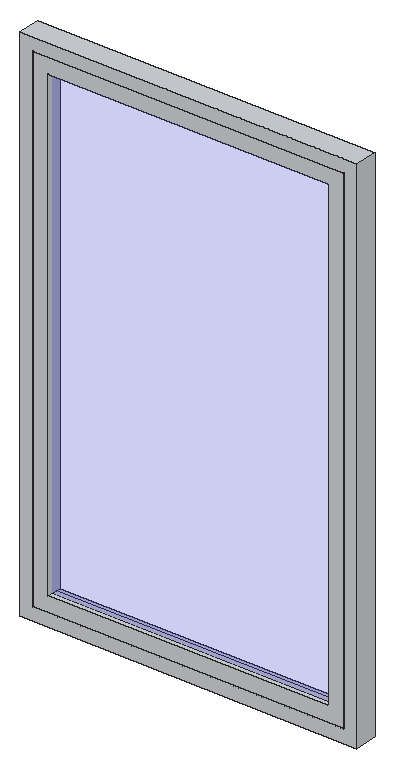
Revit family "Janela pivotante vertical", category Janelas, Revit 2019
Family settings
  Hospedeiro = Parede
  Número OmniClass = 23.30.20.00
  Título OmniClass = Windows
  Sempre na vertical = Sim
  Corte com vazios quando carregada = Não
  Compartilhado = Não
  Ponto de cálculo do ambiente = Não
Parameters
  W1 = Width / 2  # 450 mm
  W2 = Width / 2 - Largura da estrutura  # 415 mm
  Visual Light Transmittance = 0.9
  Solar Heat Gain Coefficient = 0.78
  Rough Width = Width  # 900 mm
  Rough Height = Height  # 1400 mm
  Largura da moldura do painel = 40 mm
  Espessura da moldura do painel = 40 mm
  ID do tipo de construção = ""
  Height = 1400 mm
  Coeficiente de transferência de calor (U) = 3.6886 W/(m²·K)
  Vidro = none
  Largura da estrutura = 35 mm
  Espessura da moldura = 60 mm
  Material da moldura = none
  Altura-padrão do peitoril = 650 mm
  Fechamento da parede = Por hospedeiro
  Width = 900 mm
  Construção analítica = Vidraça única Pilkington 1/8 pol
Reference planes
  plane 1 "Centro (Frente/Trás)": y = 0
  plane 2 "Centro (Esquerda/Direita)": x = 0
  plane 3 "Esquerda": x = -450
  plane 4 "Direita": x = 450
  plane 5 "Peitoril": z = 650
  plane 6 "Extremidade superior": z = 2050
  plane 7 "Exterior": y = 100
  plane 8 "Interior": y = -100
  plane 9: z = 0
  plane 10: x = -415
  plane 11: x = 415
  plane 12: x = -375
  plane 13: x = 375
  plane 14: y = -40
  plane 15: y = -60
  plane 16: y = -80
  plane 17: z = 2015
  plane 18: z = 685
  plane 19: z = 1975
  plane 20: z = 725
  plane 21: x = -410
  plane 22: x = 410
  plane 23: z = 2010
  plane 24: z = 690
  plane 25: y = -530
  plane 26: y = 370
  plane 27: z = 1350
  plane 28: y = 335
  plane 29: y = -495
Forms (mm)
  Sweep 1, solid, material <- "Material da moldura", detail levels fine
    path origin (0, 100, 0) x (1, 0, 0) y (0, 0, 1)
      loop
        line (450, 2050) -> (-450, 2050) -> (-450, 650) -> (450, 650) -> (450, 2050)
    profile origin (-450, 100, 2050) x (0, -1, 0) y (1, 0, 0)
      loop
        line (140, 0) -> (200, 0) -> (200, 35) -> (140, 35) -> (140, 0)
  Sweep 2, solid, material <- "Material da moldura", detail levels fine
    path origin (0, 100, 0) x (1, 0, 0) y (0, 0, 1)
      loop
        line (415, 2015) -> (-415, 2015) -> (-415, 685) -> (415, 685) -> (415, 2015)
    profile origin (-415, 100, 2015) x (0, -1, 0) y (1, 0, 0)
      loop
        line (160, 0) -> (200, 0) -> (200, 40) -> (160, 40) -> (160, 0)
  Extrusion 3, solid, material <- "Vidro", detail levels fine
    sketch origin (0, 0, 0) x (1, 0, 0) y (0, 1, 0)
      loop
        line (-375, -73) -> (-375, -87) -> (375, -87) -> (375, -73) -> (-375, -73)
    from 725 to 1975
  Sweep 4, solid, material <- "Material da moldura", detail levels coarse+medium
    path origin (0, 100, 0) x (1, 0, 0) y (0, 0, 1)
      loop
        line (450, 2050) -> (-450, 2050) -> (-450, 650) -> (450, 650) -> (450, 2050)
    profile origin (-450, 100, 2050) x (0, -1, 0) y (1, 0, 0)
      loop
        line (160, 0) -> (200, 0) -> (200, 40) -> (160, 40) -> (160, 0)
  Extrusion 5, solid, material <- "Vidro", detail levels coarse+medium
    sketch origin (0, 0, 0) x (1, 0, 0) y (0, 1, 0)
      loop
        line (-410, -73) -> (-410, -87) -> (410, -87) -> (410, -73) -> (-410, -73)
    from 690 to 2010
Lines and regions (mm)
  Opening 1
    outline origin (3500, -100, 0) x (1, 0, 0) y (0, 0, 1)
      loop
        line (-3050, 650) -> (-3050, 2050) -> (-3950, 2050) -> (-3950, 650) -> (-3050, 650)
  symbolic lines, style "WindowsGlassProjection", detail levels coarse
    curve 1: line (-410, -80, 0) -> (410, -80, 0)
    curve 4: line (-450, -80, 2010) -> (-450, -80, 690)
  symbolic lines, style "WindowsGlassProjection", detail levels medium
    curve 2: line (-410, -73, 0) -> (410, -73, 0)
    curve 3: line (-410, -87, 0) -> (410, -87, 0)
    curve 5: line (-450, -73, 2010) -> (-450, -73, 690)
    curve 6: line (-450, -87, 690) -> (-450, -87, 2010)
  symbolic lines, style "Giro da planta", detail levels coarse+medium
    curve 7: line (0, 370, 0) -> (0, -530, 0)
    curve 8: arc (0, -530, 0) -> (-311.047, -405.192, 0) -> (-449.555, -100, 0) r 450
    curve 9: arc (0, 370, 0) -> (303.727, 252.039, 0) -> (448.219, -40, 0) r 450
  symbolic lines, style "Giro da elevação", detail levels coarse+medium
    curve 10: line (0, 100, 2050) -> (450, 100, 1350)
    curve 11: line (450, 100, 1350) -> (0, 100, 650)
    curve 12: line (0, 100, 650) -> (-450, 100, 1350)
    curve 13: line (-450, 100, 1350) -> (0, 100, 2050)
  symbolic lines, style "Giro da elevação", detail levels fine
    curve 14: line (0, 100, 2015) -> (415, 100, 1350)
    curve 15: line (415, 100, 1350) -> (0, 100, 685)
    curve 16: line (0, 100, 685) -> (-415, 100, 1350)
    curve 17: line (-415, 100, 1350) -> (0, 100, 2015)
  symbolic lines, style "Giro da planta", detail levels fine
    curve 18: arc (-415, -80, 0) -> (-293.449, -373.449, 0) -> (0, -495, 0) r 415
    curve 19: arc (415, -80, 0) -> (293.449, 213.449, 0) -> (0, 335, 0) r 415
    curve 20: line (0, -495, 0) -> (0, 335, 0)
Text (mm)
  text "EXTERIOR" at (-1963.203, 1332.353, 0), in view "Nível de referência"
  text "INTERIOR" at (-1981.466, -818.386, 0), in view "Nível de referência"
  text "Externo" at (0, 923.751, 2943.296), in view "Direita"
  text "Externo" at (0, 1040.484, 2685.409), in view "Esquerda"
Dimensions and locks
  equal spacing: plane 3 "Esquerda", plane 2 "Centro (Esquerda/Direita)", plane 4 "Direita"
  "Width": plane 3 "Esquerda" to plane 4 "Direita"
  "Height": plane 5 "Peitoril" to plane 6 "Extremidade superior"
  "Altura-padrão do peitoril": plane 5 "Peitoril" to level
  locked: plane 7 "Exterior" to host wall at 0
  locked: plane 8 "Interior" to host wall
  "Largura da estrutura": plane 3 "Esquerda" to plane 10
  "Largura da estrutura": plane 11 to plane 4 "Direita"
  "Largura da moldura do painel": plane 10 to plane 12
  "Largura da moldura do painel": plane 13 to plane 11
  "Espessura da moldura": plane 14 to plane 8 "Interior"
  "Espessura da moldura do painel": plane 15 to plane 8 "Interior"
  equal spacing: plane 15, plane 16, plane 8 "Interior"
  "Largura da estrutura": plane 17 to plane 6 "Extremidade superior"
  "Largura da estrutura": plane 5 "Peitoril" to plane 18
  Extrusion 3 sketch curve to plane 16 to Extrusion 3 sketch curve = 7 mm locked, 7 mm locked
  "Largura da moldura do painel": plane 19 to plane 17
  "Largura da moldura do painel": plane 18 to plane 20
  "Largura da moldura do painel": plane 3 "Esquerda" to plane 21
  "Largura da moldura do painel": plane 22 to plane 4 "Direita"
  Extrusion 5 sketch curve to plane 16 to Extrusion 5 sketch curve = 7 mm locked, 7 mm locked
  curve 3 to plane 16 to curve 2 = 7 mm locked, 7 mm locked
  "Largura da moldura do painel": plane 23 to plane 6 "Extremidade superior"
  "Largura da moldura do painel": plane 5 "Peitoril" to plane 24
  curve 5 to plane 16 to curve 6 = 7 mm locked, 7 mm locked
  plane 24 to plane 20 = 35 mm
  equal spacing: plane 26, plane 16, plane 25
  "Width": plane 26 to plane 25
  equal spacing: plane 5 "Peitoril", plane 27, plane 6 "Extremidade superior"
  "Largura da estrutura": plane 26 to plane 28
  "Largura da estrutura": plane 29 to plane 25
  "W1": radius of curve 8
  "W1": radius of curve 9
  "W2": radius of curve 18
  "W2": radius of curve 19
  aligned and locked: level to plane 9
  aligned and locked: plane 4 "Direita" to Sweep 1 sketch curve
  aligned and locked: Sweep 1 sketch curve to plane 3 "Esquerda"  (x2)
  aligned and locked: plane 6 "Extremidade superior" to Sweep 1 sketch curve
  aligned and locked: Sweep 1 sketch curve to plane 5 "Peitoril"
  aligned and locked: Sweep 1 sketch curve to plane 14
  aligned and locked: Sweep 1 sketch curve to plane 8 "Interior"
  aligned and locked: Sweep 1 sketch curve to plane 10
  aligned and locked: Sweep 2 sketch curve to plane 17
  aligned and locked: plane 18 to Sweep 2 sketch curve
  aligned and locked: Sweep 2 sketch curve to plane 11
  aligned and locked: plane 10 to Sweep 2 sketch curve  (x2)
  aligned and locked: Sweep 2 sketch curve to plane 15
  aligned and locked: Sweep 2 sketch curve to plane 8 "Interior"
  aligned and locked: Sweep 2 sketch curve to plane 12
  aligned and locked: plane 12 to Extrusion 3 sketch curve
  aligned and locked: Extrusion 3 sketch curve to plane 13
  aligned and locked: plane 19 to Extrusion 3
  aligned and locked: Extrusion 3 to plane 20
  aligned and locked: plane 6 "Extremidade superior" to Sweep 4 sketch curve
  aligned and locked: Sweep 4 sketch curve to plane 5 "Peitoril"
  aligned and locked: Sweep 4 sketch curve to plane 3 "Esquerda"  (x2)
  aligned and locked: plane 4 "Direita" to Sweep 4 sketch curve
  aligned and locked: Sweep 4 sketch curve to plane 15
  aligned and locked: Sweep 4 sketch curve to plane 8 "Interior"
  aligned and locked: Sweep 4 sketch curve to plane 21
  aligned and locked: plane 21 to Extrusion 5 sketch curve
  aligned and locked: Extrusion 5 sketch curve to plane 22
  aligned and locked: curve 1 to plane 16
  aligned and locked: plane 21 to curve 1
  aligned and locked: plane 22 to curve 1
  aligned and locked: plane 22 to curve 2
  aligned and locked: plane 22 to curve 3
  aligned and locked: plane 21 to curve 2
  aligned and locked: plane 21 to curve 3
  aligned and locked: plane 23 to Extrusion 5  (x2)
  aligned and locked: Extrusion 5 to plane 24
  aligned and locked: plane 16 to curve 4
  aligned and locked: plane 24 to curve 4
  aligned and locked: plane 23 to curve 4
  aligned and locked: plane 23 to curve 6
  aligned and locked: plane 24 to curve 5
  aligned and locked: plane 24 to curve 6
  aligned and locked: plane 25 to curve 7
  aligned and locked: plane 26 to curve 7
  aligned and locked: plane 8 "Interior" to curve 8
  aligned and locked: plane 2 "Centro (Esquerda/Direita)" to curve 7
  aligned and locked: plane 2 "Centro (Esquerda/Direita)" to curve 8
  aligned and locked: plane 14 to curve 9
  aligned and locked: plane 2 "Centro (Esquerda/Direita)" to curve 9
  aligned and locked: plane 6 "Extremidade superior" to curve 10
  aligned and locked: plane 2 "Centro (Esquerda/Direita)" to curve 13
  aligned and locked: plane 27 to curve 10
  aligned and locked: plane 4 "Direita" to curve 11
  aligned and locked: plane 5 "Peitoril" to curve 12
  aligned and locked: plane 2 "Centro (Esquerda/Direita)" to curve 12
  aligned and locked: plane 3 "Esquerda" to curve 13
  aligned and locked: plane 27 to curve 12
  aligned and locked: plane 17 to curve 17
  aligned and locked: plane 2 "Centro (Esquerda/Direita)" to curve 17
  aligned and locked: plane 11 to curve 15
  aligned and locked: plane 27 to curve 15
  aligned and locked: plane 18 to curve 16
  aligned and locked: plane 2 "Centro (Esquerda/Direita)" to curve 16
  aligned and locked: plane 10 to curve 17
  aligned and locked: plane 27 to curve 17
  aligned and locked: plane 2 "Centro (Esquerda/Direita)" to curve 18
  aligned and locked: plane 16 to curve 18
  aligned and locked: plane 2 "Centro (Esquerda/Direita)" to curve 19  (x2)
  aligned and locked: plane 16 to curve 19
  aligned and locked: curve 20 to plane 2 "Centro (Esquerda/Direita)"
  aligned and locked: plane 28 to curve 20
  aligned and locked: plane 29 to curve 20
Automatic sketch dimensions
  Opening 1 sketch curve to plane 3 "Esquerda" = 0 mm
  Opening 1 sketch curve to plane 4 "Direita" = 0 mm
  Opening 1 sketch curve to plane 5 "Peitoril" = 0 mm
  Opening 1 sketch curve to plane 6 "Extremidade superior" = 0 mm
  curve 5 to plane 23 = 0 mm
